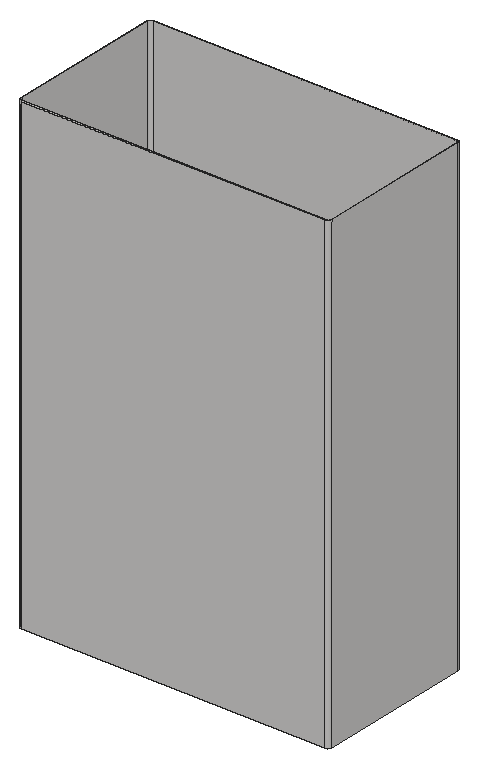
Revit family "xWaste_Receptacle-Bobrick-ClassicSeries-367-60", category Specialty Equipment, Revit 2014
Parameters (values of type "367-60")
  Width = 15 1/8"
  Warranty Information = "1 Year Limited Warranty"
  URL = "http://www.bobrick.com/"
  Specification = "Interchangeable 12 gallon waste receptacle module designed for changing traffic and usage needs. Waste receptacle is type-304 22-gauge stainless steel with satin finish. Front and side edges of bottom and all top edges are hemmed for safe handling. Secured to cabinet with a tumbler lock keyed like other Bobrick washroom accessories. Equipped with interior hooks for optional vinyl liner. Capacity: 12 Gallons. Dimensions: 15 1/8\" Wide x 23\" High x 8\" Deep, Extends 4 1/8\" from wall."
  Product Page URL = "http://www.bobrick.com/washroomaccessories/Pages/ProductDetails.aspx?Product+Number=367-60"
  Price = "Prices may vary. Please consult Manufacturer Representative for most up-to-date price list."  # constant formula
  Model = "367-60"
  Material = "Stainless Steel-Bobrick-Type 304-Satin"
  Manufacturer = "Bobrick Washroom Equipment, Inc."
  Length = 8"
  Installation Type = "Secured to cabinet."
  Height = 23"
  Description = "ClassicSeries® Interchangeable 12 Gallon Waste Receptacle Module"
  Default Elevation = 0"
  Creation Date = "06/20/2017"
  Assembly Code = "E20"
Reference planes (in)
  plane 1 "Center (Front/Back)": y = 0
  plane 2: z = 0
  plane 3 "Center (Left/Right)": x = 0
  plane 4: y = -8
  plane 5: x = -7.5625
  plane 6: x = 7.5625
  plane 7: z = 23
Forms (in)
  Extrusion 1, solid, material "Stainless Steel-Bobrick-Type 304-Satin"
    sketch origin (0, 0, 0) x (1, 0, 0) y (0, 1, 0)
      loop
        arc (-7.5625, -7.8125) -> (-7.50758, -7.94508) -> (-7.375, -8) r 0.1875
        line (-7.375, -8) -> (7.375, -8)
        arc (7.375, -8) -> (7.50758, -7.94508) -> (7.5625, -7.8125) r 0.1875
        line (7.5625, -7.8125) -> (7.5625, -0.1875)
        arc (7.5625, -0.1875) -> (7.50758, -0.05492) -> (7.375, 0) r 0.1875
        line (7.375, 0) -> (-7.375, 0)
        arc (-7.375, 0) -> (-7.50758, -0.05492) -> (-7.5625, -0.1875) r 0.1875
        line (-7.5625, -0.1875) -> (-7.5625, -7.8125)
      loop
        line (-7.53125, -0.1875) -> (-7.53125, -7.8125)
        arc (-7.53125, -7.8125) -> (-7.48549, -7.92299) -> (-7.375, -7.96875) r 0.15625
        line (-7.375, -7.96875) -> (7.375, -7.96875)
        arc (7.375, -7.96875) -> (7.48549, -7.92299) -> (7.53125, -7.8125) r 0.15625
        line (7.53125, -7.8125) -> (7.53125, -0.1875)
        arc (7.53125, -0.1875) -> (7.48549, -0.07701) -> (7.375, -0.03125) r 0.15625
        line (7.375, -0.03125) -> (-7.375, -0.03125)
        arc (-7.375, -0.03125) -> (-7.48549, -0.07701) -> (-7.53125, -0.1875) r 0.15625
    from 0 to 23
  Extrusion 2, solid, material "Stainless Steel-Bobrick-Type 304-Satin"
    sketch origin (0, 0, 0) x (1, 0, 0) y (0, 1, 0)
      loop
        arc (-7.5625, -7.8125) -> (-7.50758, -7.94508) -> (-7.375, -8) r 0.1875
        line (-7.375, -8) -> (7.375, -8)
        arc (7.375, -8) -> (7.50758, -7.94508) -> (7.5625, -7.8125) r 0.1875
        line (7.5625, -7.8125) -> (7.5625, -0.1875)
        arc (7.5625, -0.1875) -> (7.50758, -0.05492) -> (7.375, 0) r 0.1875
        line (7.375, 0) -> (-7.375, 0)
        arc (-7.375, 0) -> (-7.50758, -0.05492) -> (-7.5625, -0.1875) r 0.1875
        line (-7.5625, -0.1875) -> (-7.5625, -7.8125)
    from 0 to 0.032
Cuts and joins
  joined: Extrusion 1, Extrusion 2
Lines and regions (in)
  Masking region 1
    outline origin (0, 0, 0) x (1, 0, 0) y (0, 1, 0)
      loop
        arc (-7.5625, -7.8125) -> (-7.50758, -7.94508) -> (-7.375, -8) r 0.1875
        line (-7.375, -8) -> (7.375, -8)
        arc (7.375, -8) -> (7.50758, -7.94508) -> (7.5625, -7.8125) r 0.1875
        line (7.5625, -7.8125) -> (7.5625, -0.1875)
        arc (7.5625, -0.1875) -> (7.50758, -0.05492) -> (7.375, 0) r 0.1875
        line (7.375, 0) -> (-7.375, 0)
        arc (-7.375, 0) -> (-7.50758, -0.05492) -> (-7.5625, -0.1875) r 0.1875
        line (-7.5625, -0.1875) -> (-7.5625, -7.8125)
  symbolic lines, detail levels medium+fine
    curve 1: arc (-7.53125, -7.8125, 0) -> (-7.48549, -7.92299, 0) -> (-7.375, -7.96875, 0) r 0.15625
    curve 2: line (-7.375, -7.96875, 0) -> (7.375, -7.96875, 0)
    curve 3: line (-7.53125, -0.1875, 0) -> (-7.53125, -7.8125, 0)
    curve 4: arc (7.375, -7.96875, 0) -> (7.48549, -7.92299, 0) -> (7.53125, -7.8125, 0) r 0.15625
    curve 5: line (7.53125, -7.8125, 0) -> (7.53125, -0.1875, 0)
    curve 6: arc (7.53125, -0.1875, 0) -> (7.48549, -0.07701, 0) -> (7.375, -0.03125, 0) r 0.15625
    curve 7: line (7.375, -0.03125, 0) -> (-7.375, -0.03125, 0)
    curve 8: arc (-7.375, -0.03125, 0) -> (-7.48549, -0.07701, 0) -> (-7.53125, -0.1875, 0) r 0.15625
Dimensions and locks (in)
  "Length": plane 4 to plane 1 "Center (Front/Back)"
  "Width": plane 5 to plane 6
  "Height": plane 7 to level
Automatic sketch dimensions
  Extrusion 1 sketch curve to Extrusion 1 sketch curve = 0"  (x8)
  Extrusion 1 sketch curve to plane 5 = 0"
  plane 4 to Extrusion 1 sketch curve = 0"
  plane 1 "Center (Front/Back)" to Extrusion 1 sketch curve = 0"
  Extrusion 1 sketch curve to plane 6 = 0"
  Extrusion 1 sketch curve to Extrusion 1 sketch curve = 1/32"
  Extrusion 1 sketch curve to Extrusion 1 sketch curve = 5/32"  (x2)
  plane 5 to Extrusion 1 sketch curve = 3/16"
  Extrusion 1 sketch curve to plane 6 = 3/16"
  Extrusion 2 sketch curve to plane 5 = 0"
  plane 4 to Extrusion 2 sketch curve = 0"
  plane 1 "Center (Front/Back)" to Extrusion 2 sketch curve = 0"
  Extrusion 2 sketch curve to plane 6 = 0"
  Extrusion 2 sketch curve to plane 4 = 3/16"
  plane 5 to Extrusion 2 sketch curve = 3/16"
  Extrusion 2 sketch curve to plane 6 = 3/16"  (x2)
  Masking region 1 sketch curve to plane 5 = 0"
  plane 4 to Masking region 1 sketch curve = 0"
  plane 1 "Center (Front/Back)" to Masking region 1 sketch curve = 0"
  Masking region 1 sketch curve to plane 6 = 0"
  Masking region 1 sketch curve to plane 4 = 3/16"
  plane 5 to Masking region 1 sketch curve = 3/16"
  Masking region 1 sketch curve to plane 6 = 3/16"  (x2)
  plane 5 to curve 3 = 1/32"
  curve 2 to plane 4 = 1/32"
  plane 5 to curve 2 = 3/16"
  plane 1 "Center (Front/Back)" to curve 7 = 1/32"
  curve 7 to plane 6 = 3/16"
  curve 4 to plane 6 = 3/16"
  curve 5 to plane 6 = 1/32"
  curve 8 to curve 7 = 5/32"
